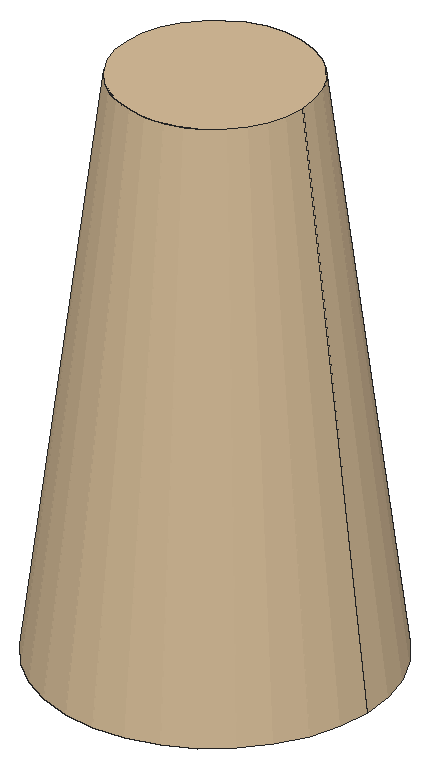
Revit family "FU_Table Base_Sandler_Cono 4004", category Furniture, Revit 2022
Family settings
  OmniClass Number = 23.40.20.00
  OmniClass Title = General Furniture and Specialties
  Work Plane-Based = No
  Always vertical = Yes
  Cut with Voids When Loaded = No
  Render Appearance Source = Family Geometry
  Shared = No
  Room Calculation Point = No
Parameters (values of type "Cono 4004")
  Width = 310 mm
  URL = "https://www.sandlerseating.com/product/cono-4004/"
  Model = "Cono 4004"
  Manufacturer = "Sandler"
  Height = 550 mm
  Description = "Metal coffee table base at 45cm/17.75\" high, available in pearl gold, black, or lacquered finishes. Maximum tabletop size: 80cm/32\" diameter"
  Depth = 310 mm
  Default Elevation = 0 mm
  Base [instance] = Metal - M3 Lacquer - Pearl Gold RAL 1036
Reference planes
  plane 1 "Center (Front/Back)": y = 0
  plane 2: z = 0
  plane 3 "Center (Left/Right)": x = 0
  plane 4 "Base Right": x = -155
  plane 5 "Base Left": x = 155
  plane 6 "Base Back": y = 155
  plane 7 "Base Front": y = -155
  plane 8 "Height": z = 550
  plane 9 "Base Top": z = 525
Forms (mm)
  Blend 1, solid, material "Metal - M3 Lacquer - Pearl Gold RAL 1036" <- "Base"
    base sketch origin (0, 0, 0) x (1, 0, 0) y (0, 1, 0)
      loop
        circle (0, 0) r 155
    top sketch origin (0, 0, 0) x (1, 0, 0) y (0, 1, 0)
      loop
        circle (0, 0) r 88.5
    from 0 to 525
Dimensions and locks
  equal spacing: plane 6 "Base Back", plane 1 "Center (Front/Back)", plane 7 "Base Front"
  "Depth": plane 6 "Base Back" to plane 7 "Base Front"
  equal spacing: plane 4 "Base Right", plane 3 "Center (Left/Right)", plane 5 "Base Left"
  "Width": plane 4 "Base Right" to plane 5 "Base Left"
  "Height": plane 8 "Height" to level
  aligned and locked: level to plane 2
  aligned and locked: plane 9 "Base Top" to Blend 1
  aligned and locked: Blend 1 to level
Automatic sketch dimensions
  plane 1 "Center (Front/Back)" to Blend 1 sketch curve = 0 mm  (x2)
  Blend 1 sketch curve to plane 3 "Center (Left/Right)" = 0 mm  (x2)
  radius of Blend 1 sketch curve = 155 mm
  radius of Blend 1 sketch curve = 88.5 mm
